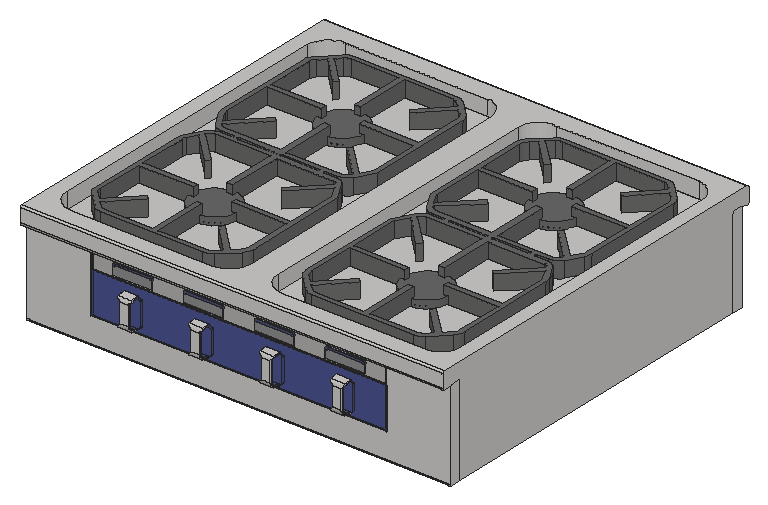
Revit family "QF_ELECTROLUXPROFESSIONAL_589071_MCGDAAJOPO", category Specialty Equipment, Revit 2018
Family settings
  Round Connector Dimension = Use Diameter
  Part Type = Normal
  Work Plane-Based = No
  Always vertical = Yes
  Cut with Voids When Loaded = No
  Shared = No
  Room Calculation Point = No
Parameters
  Weight in Pounds = 180.77
  Watts = 0 W
  URL Cutsheet = ""
  Type Mark [instance] = ""
  Status [instance] = ""
  Specification by User [instance] = ""
  Specification by Manufacturer = ""
  Serial Number = ""
  Seismic Rating = ""
  SMACNA No = ""
  Revision Code [instance] = ""
  Omniclass Number and Title = ""
  NAFEM Spec ID Number = ""
  Model = "589071"
  Mechanical Remarks [instance] = ""
  Mechanical Connection Type [instance] = ""
  Masterspec = ""
  Manufacturer = "ELECTROLUX"
  Item Number [instance] = ""
  Installed By [instance] = ""
  Identify Quantity as Lot [instance] = yes
  HP = "0 HP"
  Gas Size = 1/2"
  Gas RI Height [instance] = 0 mm
  Gas KW = 40
  Gas Input = 136360.0 Btu/h
  Gas Connection Height [instance] = 0 mm
  Furnished By [instance] = ""
  Foodservice Equipment Identifier [instance] = yes
  Direct Waste Size = 0"
  Description = "GAS TOP,4 BURNERS,1-SIDE,1000X900X250H"
  CSI MasterFormat = ""
  CSI Master Format = ""
  Back Panel [instance] = yes
Reference planes
  plane 1 "BACK": y = 0
  plane 2: z = 0
  plane 3 "LEFT": x = 0
  plane 4 "RIGHT": x = 1000
  plane 5 "FRONT": y = -900
  plane 6 "TOP": z = 250
  plane 7: x = 500
  plane 8: y = -450
  plane 9: z = 370
  plane 10: x = 965
  plane 11: y = -60.425
Forms (mm)
  Extrusion 1, solid, material "QF_Finishes_Stainless Steel"
    sketch origin (0, -487.128, 0) x (0, 1, 0) y (0, 0, 1)
      loop
        line (483.128, 250) -> (-408.872, 250)
        arc (-408.872, 250) -> (-411.7, 248.828) -> (-412.872, 246) r 4
        line (-412.872, 246) -> (-412.872, 214)
        arc (-412.872, 214) -> (-411.437, 210.931) -> (-408.161, 210.064) r 4
        line (-408.161, 210.064) -> (-392.872, 213) -> (-367.872, 213) -> (-367.872, 0) -> (441.714, 0) -> (441.714, 213) -> (465.765, 213) -> (482.433, 210.061)
        arc (482.433, 210.061) -> (485.699, 210.936) -> (487.128, 214) r 4
        line (487.128, 214) -> (487.128, 246)
        arc (487.128, 246) -> (485.956, 248.828) -> (483.128, 250) r 4
    from 0 to 1000
  Extrusion 2, solid, material "QF_Finishes_Stainless Steel", visible <- "Back Panel"
    sketch origin (0, 0.586, 0) x (0, 1, 0) y (0, 0, 1)
      loop
        line (-46, 0) -> (-21, 0) -> (-21, 212.833) -> (-21.949, 213) -> (-46, 213) -> (-46, 0)
    from 0 to 1000
  Extrusion 3, void
    sketch origin (653.786, 44.048, 250) x (1, 0, 0) y (0, -1, 0)
      loop
        line (-570.234, 89.462) -> (-234.333, 89.462)
        arc (-234.333, 89.462) -> (-199.707, 103.805) -> (-185.364, 138.432) r 48.97
        line (-185.364, 138.432) -> (-185.364, 850.078)
        arc (-185.364, 850.078) -> (-199.707, 884.705) -> (-234.333, 899.048) r 48.97
        line (-234.333, 899.048) -> (-570.234, 899.048)
        arc (-570.234, 899.048) -> (-605.59, 884.403) -> (-620.234, 849.048) r 50
        line (-620.234, 849.048) -> (-620.234, 139.462)
        arc (-620.234, 139.462) -> (-605.59, 104.107) -> (-570.234, 89.462) r 50
      loop
        line (264.679, 899.048) -> (-71.222, 899.048)
        arc (-71.222, 899.048) -> (-106.577, 884.403) -> (-121.222, 849.048) r 50
        line (-121.222, 849.048) -> (-121.222, 139.462)
        arc (-121.222, 139.462) -> (-106.577, 104.107) -> (-71.222, 89.462) r 50
        line (-71.222, 89.462) -> (264.679, 89.462)
        arc (264.679, 89.462) -> (299.306, 103.805) -> (313.649, 138.432) r 48.97
        line (313.649, 138.432) -> (313.649, 850.078)
        arc (313.649, 850.078) -> (299.306, 884.705) -> (264.679, 899.048) r 48.97
    from 0 to 37
  Extrusion 4, solid, material "QF_Finishes_Stainless Steel"
    sketch origin (10, -759, 0) x (1, 0, 0) y (0, -1, 0)
      loop
        circle (955, -169) r 6.35
    from 0 to 3.2
Cuts and joins
  Extrusion 3 cuts Extrusion 1
Lines and regions (mm)
  symbolic lines
    curve 1: line (0, 0, 0) -> (1000, 0, 0)
    curve 2: line (0, -900, 0) -> (0, 0, 0)
    curve 3: line (1000, -900, 0) -> (0, -900, 0)
    curve 4: line (1000, 0, 0) -> (1000, -900, 0)
    curve 5: arc (83.552, -855, 0) -> (48.197, -840.355, 0) -> (33.552, -805, 0) r 50
    curve 6: line (33.552, -805, 0) -> (33.552, -95.414, 0)
    curve 7: arc (33.552, -95.414, 0) -> (48.197, -60.059, 0) -> (83.552, -45.414, 0) r 50
    curve 8: line (83.552, -45.414, 0) -> (417.592, -45.414, 0)
    curve 9: arc (918.465, -45.414, 0) -> (953.092, -59.757, 0) -> (967.435, -94.384, 0) r 48.97
    curve 10: line (967.435, -94.384, 0) -> (967.435, -806.03, 0)
    curve 11: arc (967.435, -806.03, 0) -> (953.092, -840.657, 0) -> (918.465, -855, 0) r 48.97
    curve 12: line (918.465, -855, 0) -> (582.408, -855, 0)
    curve 13: line (582.408, -45.414, 0) -> (918.465, -45.414, 0)
    curve 14: line (417.592, -855, 0) -> (83.552, -855, 0)
    curve 15: arc (582.408, -855, 0) -> (547.053, -840.355, 0) -> (532.408, -805, 0) r 50
    curve 16: line (532.408, -805, 0) -> (532.408, -95.414, 0)
    curve 17: arc (532.408, -95.414, 0) -> (547.053, -60.059, 0) -> (582.408, -45.414, 0) r 50
    curve 18: arc (417.592, -855, 0) -> (452.947, -840.355, 0) -> (467.592, -805, 0) r 50
    curve 19: line (467.592, -805, 0) -> (467.592, -95.414, 0)
    curve 20: arc (467.592, -95.414, 0) -> (452.947, -60.059, 0) -> (417.592, -45.414, 0) r 50
Dimensions and locks
  plane 3 "LEFT" to plane 4 "RIGHT" = 1000 mm
  plane 5 "FRONT" to plane 1 "BACK" = 900 mm
  equal spacing: plane 3 "LEFT", plane 7, plane 4 "RIGHT"
  equal spacing: plane 5 "FRONT", plane 8, plane 1 "BACK"
  plane 6 "TOP" to level = 250 mm  (x2)
  plane 1 "BACK" to plane 5 "FRONT" = 900 mm
  Extrusion 4 sketch curve to plane 1 "BACK" = 590 mm
  Extrusion 4 sketch curve to plane 4 "RIGHT" = 35 mm
  plane 1 "BACK" to Extrusion 4 = 590 mm
  plane 10 to plane 4 "RIGHT" = 35 mm
  aligned and locked: level to plane 2
  aligned and locked: Extrusion 1 to plane 4 "RIGHT"
Automatic sketch dimensions
  Extrusion 1 sketch curve to plane 5 "FRONT" = 0 mm
  Extrusion 1 sketch curve to plane 6 "TOP" = 0 mm
  Extrusion 1 sketch curve to level = 0 mm
  Extrusion 1 sketch curve to plane 1 "BACK" = 0 mm
  Extrusion 1 sketch curve to plane 6 "TOP" = 37 mm  (x2)
  Extrusion 1 sketch curve to plane 5 "FRONT" = 4 mm
  Extrusion 1 sketch curve to plane 5 "FRONT" = 20 mm
  Extrusion 1 sketch curve to plane 5 "FRONT" = 45 mm
  plane 1 "BACK" to Extrusion 1 sketch curve = 21.363 mm
  plane 1 "BACK" to Extrusion 1 sketch curve = 4 mm  (x2)
  Extrusion 1 sketch curve to Extrusion 1 sketch curve = 4 mm
  Extrusion 1 sketch curve to Extrusion 1 sketch curve = 0.711 mm
  plane 1 "BACK" to Extrusion 1 sketch curve = 4.695 mm
  Extrusion 1 sketch curve to Extrusion 1 sketch curve = 0 mm  (x2)
  Extrusion 1 sketch curve to Extrusion 1 sketch curve = 1 mm  (x2)
  plane 1 "BACK" to Extrusion 1 sketch curve = 45.414 mm
  Extrusion 2 sketch curve to level = 0 mm
  plane 11 to Extrusion 2 sketch curve = 15.012 mm
  Extrusion 2 sketch curve to plane 6 "TOP" = 37.167 mm
  Extrusion 2 sketch curve to Extrusion 2 sketch curve = 0.949 mm
  plane 1 "BACK" to Extrusion 2 sketch curve = 20.414 mm
  Extrusion 2 sketch curve to plane 6 "TOP" = 37 mm
  plane 1 "BACK" to curve 1 = 0 mm
  curve 1 to plane 4 "RIGHT" = 0 mm
  curve 3 to plane 3 "LEFT" = 0 mm
  plane 5 "FRONT" to curve 3 = 0 mm
  curve 10 to plane 10 = 2.435 mm
  plane 11 to curve 13 = 15.012 mm
  plane 10 to curve 13 = 46.535 mm
  plane 10 to curve 12 = 46.535 mm
  plane 7 to curve 16 = 32.408 mm
  curve 19 to plane 7 = 32.408 mm
  plane 3 "LEFT" to curve 8 = 83.552 mm
  plane 3 "LEFT" to curve 14 = 83.552 mm
  plane 3 "LEFT" to curve 6 = 33.552 mm
  curve 15 to curve 16 = 50 mm
  curve 20 to plane 11 = 34.988 mm
  curve 18 to plane 5 "FRONT" = 45 mm
  curve 19 to curve 18 = 50 mm
  Extrusion 1 to Extrusion 3 sketch curve = 33.552 mm
  Extrusion 1 to Extrusion 3 sketch curve = 41 mm  (x2)
  Extrusion 3 sketch curve to Extrusion 3 sketch curve = 50 mm  (x4)
  Extrusion 1 to Extrusion 3 sketch curve = 41.414 mm
  Extrusion 3 sketch curve to Extrusion 3 sketch curve = 335.901 mm  (x2)
  Extrusion 3 sketch curve to Extrusion 3 sketch curve = 48.97 mm
  Extrusion 3 sketch curve to Extrusion 3 sketch curve = 64.142 mm
  Extrusion 1 to Extrusion 3 sketch curve = 81.535 mm  (x2)
  Extrusion 1 to Extrusion 3 sketch curve = 32.565 mm
  Extrusion 3 sketch curve to Extrusion 3 sketch curve = 1.03 mm
  curve 18 to curve 16 = 0 mm
  plane 11 to curve 8 = 15.012 mm
  curve 16 to plane 11 = 34.988 mm
  radius of Extrusion 4 sketch curve = 6.35 mm
Nested families
  nested 1: "OBT_900_Open Burner" at (250, -450.207, -649.319), type "OBT_900_Open Burner"
  nested 2: "OBT_900_Open Burner" at (750, -450.207, -649.319) x (-1, 0, 0) z (0, 0, 1), type "OBT_900_Open Burner"
  nested 3: "EG_900_1000_Four Range Control Handle Front Panel" at (202.376, -855, -650), type "EG_900_1000_Four Range Control Handle Front Panel"
Connectors
  piping at (965, -590, -3.2), diameter 12.8
    settings: on Extrusion 4, index 1, connector inside diameter 0.50394", connector length 0 mm, flow factor 0, pipe flow 0 GPM, pressure drop 0.00 psi, fitting loss kfactor 0, connector angle 0.00°, fixture units 0, engagement length 0 mm, angle of deflection 0.00°, flow configuration 1, flow direction 1, fitting loss method 0, system type 7, joint type 0, gender type 0, connector reference index -1, connector utility 0, adjustable connector no, is connector primary yes, connector description "GAS CONNECTION"
Definition of nested family "OBT_900_Open Burner"
  Reference planes
    plane 1 "Center (Front/Back)": y = 0
    plane 2: z = 0
    plane 3 "Center (Left/Right)": x = 0
    plane 4: x = -186.448
    plane 5: x = 187.435
    plane 6: y = 374.793
    plane 7: y = -374.793
    plane 8: y = -188.326
  Forms (mm)
    Extrusion 1, solid
      sketch origin (2130.573, 56.896, -679.622) x (1, 0, 0) y (0, 1, 0)
        loop
          line (-2137.44, 306.49) -> (-2250.793, 306.49)
          arc (-2250.793, 306.49) -> (-2257.908, 305.075) -> (-2263.94, 301.044) r 18.593
          line (-2263.94, 301.044) -> (-2276.233, 288.751) -> (-2213.48, 225.998) -> (-2221.6, 217.877) -> (-2284.354, 280.631) -> (-2300.33, 264.654)
          arc (-2300.33, 264.654) -> (-2304.433, 258.337) -> (-2305.614, 250.897) r 18.125
          line (-2305.614, 250.897) -> (-2305.614, 138.422) -> (-2175.79, 138.422) -> (-2175.79, 126.938) -> (-2305.614, 126.938) -> (-2305.614, 10.897)
          arc (-2305.614, 10.897) -> (-2304.981, 6.085) -> (-2303.123, 1.601) r 18.593
          line (-2303.123, 1.601) -> (-2290.078, -20.994) -> (-2221.6, 47.483) -> (-2213.48, 39.363) -> (-2284.012, -31.169)
          arc (-2284.012, -31.169) -> (-2278.546, -38.527) -> (-2270.23, -42.379) r 18.593
          line (-2270.23, -42.379) -> (-2137.44, -42.379) -> (-2137.44, 87.464) -> (-2123.707, 87.464) -> (-2123.707, -42.379) -> (-1989.813, -42.379)
          arc (-1989.813, -42.379) -> (-1981.496, -38.527) -> (-1976.031, -31.169) r 18.593
          line (-1976.031, -31.169) -> (-2047.115, 39.915) -> (-2038.994, 48.035) -> (-1969.962, -20.997) -> (-1954.428, 5.916) -> (-1954.428, 126.938) -> (-2085.357, 126.938) -> (-2085.357, 138.422) -> (-1954.428, 138.422) -> (-1954.428, 247.888)
          arc (-1954.428, 247.888) -> (-1956.538, 258.496) -> (-1962.547, 267.489) r 27.72
          line (-1962.547, 267.489) -> (-1975.689, 280.631) -> (-2038.994, 217.325) -> (-2047.115, 225.446) -> (-1983.809, 288.751) -> (-1996.102, 301.044)
          arc (-1996.102, 301.044) -> (-2002.134, 305.075) -> (-2009.25, 306.49) r 18.593
          line (-2009.25, 306.49) -> (-2123.707, 306.49) -> (-2123.707, 177.897) -> (-2137.44, 177.897) -> (-2137.44, 306.49)
        loop
          arc (-2317.021, 10.897) -> (-2315.999, 3.132) -> (-2313.002, -4.103) r 30
          line (-2313.002, -4.103) -> (-2292.795, -39.103)
          arc (-2292.795, -39.103) -> (-2281.814, -50.084) -> (-2266.814, -54.103) r 30
          line (-2266.814, -54.103) -> (-2239.287, -54.103)
          arc (-2239.287, -54.103) -> (-2238.243, -56) -> (-2236.272, -56.896) r 3.438
          arc (-2236.272, -56.896) -> (-2238.243, -57.792) -> (-2239.287, -59.689) r 3.438
          line (-2239.287, -59.689) -> (-2266.814, -59.689)
          arc (-2266.814, -59.689) -> (-2281.814, -63.708) -> (-2292.795, -74.689) r 30
          line (-2292.795, -74.689) -> (-2313.002, -109.689)
          arc (-2313.002, -109.689) -> (-2315.999, -116.924) -> (-2317.021, -124.689) r 30
          line (-2317.021, -124.689) -> (-2317.021, -365.461)
          arc (-2317.021, -365.461) -> (-2314.738, -376.941) -> (-2308.234, -386.674) r 30
          line (-2308.234, -386.674) -> (-2271.975, -422.933)
          arc (-2271.975, -422.933) -> (-2262.253, -429.414) -> (-2250.793, -431.689) r 30
          line (-2250.793, -431.689) -> (-2009.25, -431.689)
          arc (-2009.25, -431.689) -> (-1997.786, -429.412) -> (-1988.062, -422.928) r 30
          line (-1988.062, -422.928) -> (-1951.808, -386.674)
          arc (-1951.808, -386.674) -> (-1945.305, -376.941) -> (-1942.982, -365.461) r 30
          line (-1942.982, -365.461) -> (-1942.982, -116.719) -> (-1967.248, -74.689)
          arc (-1967.248, -74.689) -> (-1978.229, -63.708) -> (-1993.229, -59.689) r 30
          line (-1993.229, -59.689) -> (-2020.319, -59.689)
          arc (-2020.319, -59.689) -> (-2021.979, -57.759) -> (-2024.375, -56.896) r 5
          arc (-2024.375, -56.896) -> (-2021.979, -56.033) -> (-2020.319, -54.103) r 5
          line (-2020.319, -54.103) -> (-1993.229, -54.103)
          arc (-1993.229, -54.103) -> (-1978.229, -50.084) -> (-1967.248, -39.103) r 30
          line (-1967.248, -39.103) -> (-1943.138, 2.656) -> (-1943.138, 254.314)
          arc (-1943.138, 254.314) -> (-1945.839, 264.361) -> (-1951.808, 272.882) r 30
          line (-1951.808, 272.882) -> (-1988.062, 309.136)
          arc (-1988.062, 309.136) -> (-1997.786, 315.62) -> (-2009.25, 317.897) r 30
          line (-2009.25, 317.897) -> (-2250.793, 317.897)
          arc (-2250.793, 317.897) -> (-2262.253, 315.622) -> (-2271.975, 309.141) r 30
          line (-2271.975, 309.141) -> (-2308.234, 272.882)
          arc (-2308.234, 272.882) -> (-2314.738, 263.149) -> (-2317.021, 251.669) r 30
          line (-2317.021, 251.669) -> (-2317.021, 10.897)
        loop
          arc (-2122.397, -54.103) -> (-2124.057, -56.033) -> (-2126.452, -56.896) r 5
          arc (-2126.452, -56.896) -> (-2124.057, -57.759) -> (-2122.397, -59.689) r 5
          line (-2122.397, -59.689) -> (-2035.829, -59.689)
          arc (-2035.829, -59.689) -> (-2034.784, -57.792) -> (-2032.813, -56.896) r 3.438
          arc (-2032.813, -56.896) -> (-2034.784, -56) -> (-2035.829, -54.103) r 3.438
          line (-2035.829, -54.103) -> (-2122.397, -54.103)
        loop
          arc (-2223.778, -54.103) -> (-2225.438, -56.033) -> (-2227.833, -56.896) r 5
          arc (-2227.833, -56.896) -> (-2225.438, -57.759) -> (-2223.778, -59.689) r 5
          line (-2223.778, -59.689) -> (-2137.906, -59.689)
          arc (-2137.906, -59.689) -> (-2136.862, -57.792) -> (-2134.891, -56.896) r 3.438
          arc (-2134.891, -56.896) -> (-2136.862, -56) -> (-2137.906, -54.103) r 3.438
          line (-2137.906, -54.103) -> (-2223.778, -54.103)
        loop
          line (-2137.44, -420.282) -> (-2137.44, -290.439) -> (-2123.707, -290.439) -> (-2123.707, -420.282) -> (-2009.25, -420.282)
          arc (-2009.25, -420.282) -> (-2002.134, -418.867) -> (-1996.102, -414.836) r 18.593
          line (-1996.102, -414.836) -> (-1983.184, -401.918) -> (-2047.115, -337.988) -> (-2038.994, -329.867) -> (-1975.064, -393.798) -> (-1962.547, -381.281)
          arc (-1962.547, -381.281) -> (-1956.538, -372.288) -> (-1954.428, -361.68) r 27.72
          line (-1954.428, -361.68) -> (-1954.428, -250.964) -> (-2085.357, -250.964) -> (-2085.357, -239.48) -> (-1954.428, -239.48) -> (-1954.428, -119.708) -> (-1970.42, -92.003) -> (-2038.994, -160.577) -> (-2047.115, -152.457) -> (-1976.413, -81.755)
          arc (-1976.413, -81.755) -> (-1981.868, -74.971) -> (-1989.813, -71.413) r 18.593
          line (-1989.813, -71.413) -> (-2123.707, -71.413) -> (-2123.707, -200.006) -> (-2137.44, -200.006) -> (-2137.44, -71.413) -> (-2270.23, -71.413)
          arc (-2270.23, -71.413) -> (-2278.175, -74.971) -> (-2283.629, -81.755) r 18.593
          line (-2283.629, -81.755) -> (-2213.48, -151.905) -> (-2221.6, -160.025) -> (-2289.62, -92.005) -> (-2303.123, -115.393)
          arc (-2303.123, -115.393) -> (-2304.981, -119.877) -> (-2305.614, -124.689) r 18.593
          line (-2305.614, -124.689) -> (-2305.614, -239.48) -> (-2175.79, -239.48) -> (-2175.79, -250.964) -> (-2305.614, -250.964) -> (-2305.614, -364.689)
          arc (-2305.614, -364.689) -> (-2304.433, -372.129) -> (-2300.33, -378.446) r 18.125
          line (-2300.33, -378.446) -> (-2284.979, -393.798) -> (-2221.6, -330.419) -> (-2213.48, -338.54) -> (-2276.858, -401.918) -> (-2263.94, -414.836)
          arc (-2263.94, -414.836) -> (-2257.908, -418.867) -> (-2250.793, -420.282) r 18.593
          line (-2250.793, -420.282) -> (-2137.44, -420.282)
      from 1542.072 to 1578.941
    Extrusion 2, solid
      sketch origin (2130.573, 61.122, 0) x (1, 0, 0) y (0, 1, 0)
        loop
          circle (-2130.573, -249.448) r 55
        loop
          circle (-2130.573, 128.455) r 55
      from 862.45 to 879.837
    Extrusion 3, void
      sketch origin (-124.371, -355.785, -22.784) x (-0.587785, -0.809017, 0) y (0, 0, 1)
        loop
          circle (-213.495, 891.283) r 1
      from -67.69 to -35.114
    Extrusion 4, void
      sketch origin (-89.903, -376.417, -22.784) x (-0.422618, -0.906308, 0) y (0, 0, 1)
        loop
          circle (-213.495, 891.283) r 1
      from -74.826 to -35.114
    Extrusion 5, void
      sketch origin (-52.131, -390.093, -22.784) x (-0.241922, -0.970296, 0) y (0, 0, 1)
        loop
          circle (-213.495, 891.283) r 1
      from -67.69 to -35.114
    Extrusion 6, void
      sketch origin (27.702, -394.842, -22.784) x (0.139173, -0.990268, 0) y (0, 0, 1)
        loop
          circle (-213.495, 891.283) r 1
      from -67.69 to -35.114
    Extrusion 7, void
      sketch origin (66.829, -385.74, -22.784) x (0.325568, -0.945519, 0) y (0, 0, 1)
        loop
          circle (-213.495, 891.283) r 1
      from -67.69 to -35.114
    Extrusion 8, void
      sketch origin (103.5, -369.339, -22.784) x (0.5, -0.866025, 0) y (0, 0, 1)
        loop
          circle (-213.495, 891.283) r 1
      from -67.69 to -35.114
    Extrusion 9, void
      sketch origin (136.368, -346.242, -22.784) x (0.656059, -0.75471, 0) y (0, 0, 1)
        loop
          circle (-213.495, 891.283) r 1
      from -67.69 to -35.114
    Extrusion 10, void
      sketch origin (164.225, -317.298, -22.784) x (0.788011, -0.615661, 0) y (0, 0, 1)
        loop
          circle (-213.495, 891.283) r 1
      from -67.69 to -35.114
    Extrusion 11, void
      sketch origin (186.048, -283.571, -22.784) x (0.891007, -0.45399, 0) y (0, 0, 1)
        loop
          circle (-213.495, 891.283) r 1
      from -67.69 to -35.114
    Extrusion 12, void
      sketch origin (201.034, -246.299, -22.784) x (0.961262, -0.275637, 0) y (0, 0, 1)
        loop
          circle (-213.495, 891.283) r 1
      from -67.69 to -35.114
    Extrusion 13, void
      sketch origin (208.566, -166.681, -22.784) x (0.994522, 0.104528, 0) y (0, 0, 1)
        loop
          circle (-213.495, 891.283) r 1
      from -67.69 to -35.114
    Extrusion 14, void
      sketch origin (200.835, -127.26, -22.784) x (0.956305, 0.292372, 0) y (0, 0, 1)
        loop
          circle (-213.495, 891.283) r 1
      from -67.69 to -35.114
    Extrusion 15, void
      sketch origin (185.724, -90.039, -22.784) x (0.882948, 0.469472, 0) y (0, 0, 1)
        loop
          circle (-213.495, 891.283) r 1
      from -67.69 to -35.114
    Extrusion 16, void
      sketch origin (163.788, -56.385, -22.784) x (0.777146, 0.62932, 0) y (0, 0, 1)
        loop
          circle (-213.495, 891.283) r 1
      from -67.69 to -35.114
    Extrusion 17, void
      sketch origin (135.834, -27.534, -22.784) x (0.642788, 0.766044, 0) y (0, 0, 1)
        loop
          circle (-213.495, 891.283) r 1
      from -67.69 to -35.114
    Extrusion 18, void
      sketch origin (102.889, -4.548, -22.784) x (0.48481, 0.87462, 0) y (0, 0, 1)
        loop
          circle (-213.495, 891.283) r 1
      from -67.69 to -35.114
    Extrusion 19, void
      sketch origin (66.163, 11.73, -22.784) x (0.309017, 0.951057, 0) y (0, 0, 1)
        loop
          circle (-213.495, 891.283) r 1
      from -67.69 to -35.114
    Extrusion 20, void
      sketch origin (-52.811, 15.685, -22.784) x (-0.258819, 0.965926, 0) y (0, 0, 1)
        loop
          circle (-213.495, 891.283) r 1
      from -67.69 to -35.114
    Extrusion 21, void
      sketch origin (-90.537, 1.882, -22.784) x (-0.438371, 0.898794, 0) y (0, 0, 1)
        loop
          circle (-213.495, 891.283) r 1
      from -67.69 to -35.114
    Extrusion 22, void
      sketch origin (-124.936, -18.865, -22.784) x (-0.601815, 0.798636, 0) y (0, 0, 1)
        loop
          circle (-213.495, 891.283) r 1
      from -67.69 to -35.114
    Extrusion 23, void
      sketch origin (-154.744, -45.796, -22.784) x (-0.743145, 0.669131, 0) y (0, 0, 1)
        loop
          circle (-213.495, 891.283) r 1
      from -67.69 to -35.114
    Extrusion 24, void
      sketch origin (-178.866, -77.919, -22.784) x (-0.857167, 0.515038, 0) y (0, 0, 1)
        loop
          circle (-213.495, 891.283) r 1
      from -67.69 to -35.114
    Extrusion 25, void
      sketch origin (-196.416, -114.054, -22.784) x (-0.939693, 0.34202, 0) y (0, 0, 1)
        loop
          circle (-213.495, 891.283) r 1
      from -67.69 to -35.114
    Extrusion 26, void
      sketch origin (-204.521, -232.817, -22.784) x (-0.97437, -0.224951, 0) y (0, 0, 1)
        loop
          circle (-213.495, 891.283) r 1
      from -67.69 to -35.114
    Extrusion 27, void
      sketch origin (-192.043, -271.002, -22.784) x (-0.913545, -0.406737, 0) y (0, 0, 1)
        loop
          circle (-213.495, 891.283) r 1
      from -67.69 to -35.114
    Extrusion 28, void
      sketch origin (-172.509, -306.104, -22.784) x (-0.819152, -0.573576, 0) y (0, 0, 1)
        loop
          circle (-213.495, 891.283) r 1
      from -67.69 to -35.114
    Extrusion 29, void
      sketch origin (-146.635, -336.834, -22.784) x (-0.694658, -0.71934, 0) y (0, 0, 1)
        loop
          circle (-213.495, 891.283) r 1
      from -67.69 to -35.114
    Extrusion 30, void
      sketch origin (-124.371, 22.118, -22.784) x (-0.587785, -0.809017, 0) y (0, 0, 1)
        loop
          circle (-213.495, 891.283) r 1
      from -67.69 to -35.114
    Extrusion 31, void
      sketch origin (-89.903, 1.485, -22.784) x (-0.422618, -0.906308, 0) y (0, 0, 1)
        loop
          circle (-213.495, 891.283) r 1
      from -74.826 to -35.114
    Extrusion 32, void
      sketch origin (-52.131, -12.191, -22.784) x (-0.241922, -0.970296, 0) y (0, 0, 1)
        loop
          circle (-213.495, 891.283) r 1
      from -67.69 to -35.114
    Extrusion 33, void
      sketch origin (27.702, -16.939, -22.784) x (0.139173, -0.990268, 0) y (0, 0, 1)
        loop
          circle (-213.495, 891.283) r 1
      from -67.69 to -35.114
    Extrusion 34, void
      sketch origin (66.829, -7.837, -22.784) x (0.325568, -0.945519, 0) y (0, 0, 1)
        loop
          circle (-213.495, 891.283) r 1
      from -67.69 to -35.114
    Extrusion 35, void
      sketch origin (103.5, 8.564, -22.784) x (0.5, -0.866025, 0) y (0, 0, 1)
        loop
          circle (-213.495, 891.283) r 1
      from -67.69 to -35.114
    Extrusion 36, void
      sketch origin (136.368, 31.66, -22.784) x (0.656059, -0.75471, 0) y (0, 0, 1)
        loop
          circle (-213.495, 891.283) r 1
      from -67.69 to -35.114
    Extrusion 37, void
      sketch origin (164.225, 60.604, -22.784) x (0.788011, -0.615661, 0) y (0, 0, 1)
        loop
          circle (-213.495, 891.283) r 1
      from -67.69 to -35.114
    Extrusion 38, void
      sketch origin (186.048, 94.332, -22.784) x (0.891007, -0.45399, 0) y (0, 0, 1)
        loop
          circle (-213.495, 891.283) r 1
      from -67.69 to -35.114
    Extrusion 39, void
      sketch origin (201.034, 131.603, -22.784) x (0.961262, -0.275637, 0) y (0, 0, 1)
        loop
          circle (-213.495, 891.283) r 1
      from -67.69 to -35.114
    Extrusion 40, void
      sketch origin (208.566, 211.222, -22.784) x (0.994522, 0.104528, 0) y (0, 0, 1)
        loop
          circle (-213.495, 891.283) r 1
      from -67.69 to -35.114
    Extrusion 41, void
      sketch origin (200.835, 250.642, -22.784) x (0.956305, 0.292372, 0) y (0, 0, 1)
        loop
          circle (-213.495, 891.283) r 1
      from -67.69 to -35.114
    Extrusion 42, void
      sketch origin (185.724, 287.864, -22.784) x (0.882948, 0.469472, 0) y (0, 0, 1)
        loop
          circle (-213.495, 891.283) r 1
      from -67.69 to -35.114
    Extrusion 43, void
      sketch origin (163.788, 321.518, -22.784) x (0.777146, 0.62932, 0) y (0, 0, 1)
        loop
          circle (-213.495, 891.283) r 1
      from -67.69 to -35.114
    Extrusion 44, void
      sketch origin (135.834, 350.368, -22.784) x (0.642788, 0.766044, 0) y (0, 0, 1)
        loop
          circle (-213.495, 891.283) r 1
      from -67.69 to -35.114
    Extrusion 45, void
      sketch origin (102.889, 373.355, -22.784) x (0.48481, 0.87462, 0) y (0, 0, 1)
        loop
          circle (-213.495, 891.283) r 1
      from -67.69 to -35.114
    Extrusion 46, void
      sketch origin (66.163, 389.633, -22.784) x (0.309017, 0.951057, 0) y (0, 0, 1)
        loop
          circle (-213.495, 891.283) r 1
      from -67.69 to -35.114
    Extrusion 47, void
      sketch origin (-52.811, 393.588, -22.784) x (-0.258819, 0.965926, 0) y (0, 0, 1)
        loop
          circle (-213.495, 891.283) r 1
      from -67.69 to -35.114
    Extrusion 48, void
      sketch origin (-90.537, 379.785, -22.784) x (-0.438371, 0.898794, 0) y (0, 0, 1)
        loop
          circle (-213.495, 891.283) r 1
      from -67.69 to -35.114
    Extrusion 49, void
      sketch origin (-124.936, 359.037, -22.784) x (-0.601815, 0.798636, 0) y (0, 0, 1)
        loop
          circle (-213.495, 891.283) r 1
      from -67.69 to -35.114
    Extrusion 50, void
      sketch origin (-154.744, 332.107, -22.784) x (-0.743145, 0.669131, 0) y (0, 0, 1)
        loop
          circle (-213.495, 891.283) r 1
      from -67.69 to -35.114
    Extrusion 51, void
      sketch origin (-178.866, 299.984, -22.784) x (-0.857167, 0.515038, 0) y (0, 0, 1)
        loop
          circle (-213.495, 891.283) r 1
      from -67.69 to -35.114
    Extrusion 52, void
      sketch origin (-196.416, 263.848, -22.784) x (-0.939693, 0.34202, 0) y (0, 0, 1)
        loop
          circle (-213.495, 891.283) r 1
      from -67.69 to -35.114
    Extrusion 53, void
      sketch origin (-204.521, 145.086, -22.784) x (-0.97437, -0.224951, 0) y (0, 0, 1)
        loop
          circle (-213.495, 891.283) r 1
      from -67.69 to -35.114
    Extrusion 54, void
      sketch origin (-192.043, 106.901, -22.784) x (-0.913545, -0.406737, 0) y (0, 0, 1)
        loop
          circle (-213.495, 891.283) r 1
      from -67.69 to -35.114
    Extrusion 55, void
      sketch origin (-172.509, 71.798, -22.784) x (-0.819152, -0.573576, 0) y (0, 0, 1)
        loop
          circle (-213.495, 891.283) r 1
      from -67.69 to -35.114
    Extrusion 56, void
      sketch origin (-146.635, 41.068, -22.784) x (-0.694658, -0.71934, 0) y (0, 0, 1)
        loop
          circle (-213.495, 891.283) r 1
      from -67.69 to -35.114
  Cuts and joins
    Extrusion 3, Extrusion 4, Extrusion 5, Extrusion 6, Extrusion 7, Extrusion 8, Extrusion 9, Extrusion 10, Extrusion 11, Extrusion 12, Extrusion 13, Extrusion 14, Extrusion 15, Extrusion 16, Extrusion 17, Extrusion 18, Extrusion 19, Extrusion 20, Extrusion 21, Extrusion 22, Extrusion 23, Extrusion 24, Extrusion 25, Extrusion 26, Extrusion 27, Extrusion 28, Extrusion 29, Extrusion 30, Extrusion 31, Extrusion 32, Extrusion 33, Extrusion 34, Extrusion 35, Extrusion 36, Extrusion 37, Extrusion 38, Extrusion 39, Extrusion 40, Extrusion 41, Extrusion 42, Extrusion 43, Extrusion 44, Extrusion 45, Extrusion 46, Extrusion 47, Extrusion 48, Extrusion 49, Extrusion 50, Extrusion 51, Extrusion 52, Extrusion 53, Extrusion 54, Extrusion 55, Extrusion 56 cuts Extrusion 2
    Extrusion 32 cuts Extrusion 1
  Lines and regions (mm)
    symbolic lines
      curve 1: arc (54.699, -182.584, 0) -> (39.289, -149.838, 0) -> (6.867, -133.757, 0) r 55
      curve 2: arc (-54.699, -194.068, 0) -> (-39.289, -226.815, 0) -> (-6.867, -242.896, 0) r 55
      curve 3: line (45.217, -194.068, 0) -> (176.145, -194.068, 0)
      curve 4: line (176.145, -194.068, 0) -> (176.145, -304.784, 0)
      curve 5: arc (176.145, -304.784, 0) -> (174.035, -315.392, 0) -> (168.026, -324.385, 0) r 27.72
      curve 6: line (168.026, -324.385, 0) -> (155.51, -336.902, 0)
      curve 7: line (155.51, -336.902, 0) -> (91.579, -272.971, 0)
      curve 8: line (83.459, -281.092, 0) -> (147.389, -345.022, 0)
      curve 9: line (147.389, -345.022, 0) -> (134.471, -357.94, 0)
      curve 10: arc (134.471, -357.94, 0) -> (128.439, -361.971, 0) -> (121.324, -363.386, 0) r 18.593
      curve 11: line (121.324, -363.386, 0) -> (6.867, -363.386, 0)
      curve 12: line (6.867, -363.386, 0) -> (6.867, -233.543, 0)
      curve 13: line (-6.867, -233.543, 0) -> (-6.867, -363.386, 0)
      curve 14: line (-6.867, -363.386, 0) -> (-120.219, -363.386, 0)
      curve 15: arc (-120.219, -363.386, 0) -> (-127.335, -361.971, 0) -> (-133.367, -357.94, 0) r 18.593
      curve 16: line (-133.367, -357.94, 0) -> (-146.285, -345.022, 0)
      curve 17: line (-146.285, -345.022, 0) -> (-82.906, -281.644, 0)
      curve 18: line (-91.027, -273.523, 0) -> (-154.405, -336.902, 0)
      curve 19: line (-154.405, -336.902, 0) -> (-169.757, -321.55, 0)
      curve 20: arc (-169.757, -321.55, 0) -> (-173.86, -315.233, 0) -> (-175.041, -307.793, 0) r 18.125
      curve 21: line (-175.041, -307.793, 0) -> (-175.041, -194.068, 0)
      curve 22: line (-175.041, -194.068, 0) -> (-45.217, -194.068, 0)
      curve 23: line (-45.217, -182.584, 0) -> (-175.041, -182.584, 0)
      curve 24: line (-175.041, -182.584, 0) -> (-175.041, -67.793, 0)
      curve 25: arc (-175.041, -67.793, 0) -> (-174.407, -62.981, 0) -> (-172.55, -58.497, 0) r 18.593
      curve 26: line (-172.55, -58.497, 0) -> (-159.047, -35.109, 0)
      curve 27: line (-159.047, -35.109, 0) -> (-91.027, -103.129, 0)
      curve 28: line (-82.906, -95.009, 0) -> (-153.056, -24.859, 0)
      curve 29: arc (-153.056, -24.859, 0) -> (-147.601, -18.075, 0) -> (-139.656, -14.517, 0) r 18.593
      curve 30: line (-139.656, -14.517, 0) -> (-6.867, -14.517, 0)
      curve 31: line (-6.867, -14.517, 0) -> (-6.867, -143.11, 0)
      curve 32: line (6.867, -143.11, 0) -> (6.867, -14.517, 0)
      curve 33: line (6.867, -14.517, 0) -> (140.761, -14.517, 0)
      curve 34: arc (140.761, -14.517, 0) -> (148.706, -18.075, 0) -> (154.16, -24.859, 0) r 18.593
      curve 35: line (154.16, -24.859, 0) -> (83.459, -95.561, 0)
      curve 36: line (91.579, -103.681, 0) -> (160.154, -35.107, 0)
      curve 37: line (160.154, -35.107, 0) -> (176.145, -62.812, 0)
      curve 38: line (176.145, -62.812, 0) -> (176.145, -182.584, 0)
      curve 39: line (176.145, -182.584, 0) -> (45.217, -182.584, 0)
      curve 40: line (187.592, -59.823, 0) -> (163.326, -17.793, 0)
      curve 41: arc (163.326, -17.793, 0) -> (152.345, -6.812, 0) -> (137.345, -2.793, 0) r 30
      curve 42: line (137.345, -2.793, 0) -> (110.254, -2.793, 0)
      curve 43: arc (110.254, -2.793, 0) -> (108.594, -0.863, 0) -> (106.199, 0, 0) r 5
      curve 44: arc (106.199, 0, 0) -> (108.594, 0.863, 0) -> (110.254, 2.793, 0) r 5
      curve 45: line (110.254, 2.793, 0) -> (137.345, 2.793, 0)
      curve 46: arc (137.345, 2.793, 0) -> (152.345, 6.812, 0) -> (163.326, 17.793, 0) r 30
      curve 47: line (163.326, 17.793, 0) -> (187.435, 59.552, 0)
      curve 48: line (187.435, 59.552, 0) -> (187.435, 311.21, 0)
      curve 49: arc (187.435, 311.21, 0) -> (184.735, 321.257, 0) -> (178.765, 329.778, 0) r 30
      curve 50: line (178.765, 329.778, 0) -> (142.511, 366.032, 0)
      curve 51: arc (142.511, 366.032, 0) -> (132.788, 372.516, 0) -> (121.324, 374.793, 0) r 30
      curve 52: line (121.324, 374.793, 0) -> (-120.219, 374.793, 0)
      curve 53: arc (-120.219, 374.793, 0) -> (-131.68, 372.518, 0) -> (-141.401, 366.037, 0) r 30
      curve 54: line (-141.401, 366.037, 0) -> (-177.661, 329.778, 0)
      curve 55: arc (-177.661, 329.778, 0) -> (-184.164, 320.045, 0) -> (-186.448, 308.565, 0) r 30
      curve 56: line (-186.448, 308.565, 0) -> (-186.448, 67.793, 0)
      curve 57: arc (-186.448, 67.793, 0) -> (-185.426, 60.028, 0) -> (-182.429, 52.793, 0) r 30
      curve 58: line (-182.429, 52.793, 0) -> (-162.221, 17.793, 0)
      curve 59: arc (-162.221, 17.793, 0) -> (-151.241, 6.812, 0) -> (-136.241, 2.793, 0) r 30
      curve 60: line (-136.241, 2.793, 0) -> (-108.714, 2.793, 0)
      curve 61: arc (-108.714, 2.793, 0) -> (-107.669, 0.896, 0) -> (-105.698, 0, 0) r 3.438
      curve 62: arc (-105.698, 0, 0) -> (-107.669, -0.896, 0) -> (-108.714, -2.793, 0) r 3.438
      curve 63: line (-108.714, -2.793, 0) -> (-136.241, -2.793, 0)
      curve 64: arc (-136.241, -2.793, 0) -> (-151.241, -6.812, 0) -> (-162.221, -17.793, 0) r 30
      curve 65: line (-162.221, -17.793, 0) -> (-182.429, -52.793, 0)
      curve 66: arc (-182.429, -52.793, 0) -> (-185.426, -60.028, 0) -> (-186.448, -67.793, 0) r 30
      curve 67: line (-186.448, -67.793, 0) -> (-186.448, -308.565, 0)
      curve 68: arc (-186.448, -308.565, 0) -> (-184.164, -320.045, 0) -> (-177.661, -329.778, 0) r 30
      curve 69: line (-177.661, -329.778, 0) -> (-141.401, -366.037, 0)
      curve 70: arc (-141.401, -366.037, 0) -> (-131.68, -372.518, 0) -> (-120.219, -374.793, 0) r 30
      curve 71: line (-120.219, -374.793, 0) -> (121.324, -374.793, 0)
      curve 72: arc (121.324, -374.793, 0) -> (132.788, -372.516, 0) -> (142.511, -366.032, 0) r 30
      curve 73: line (142.511, -366.032, 0) -> (178.765, -329.778, 0)
      curve 74: arc (178.765, -329.778, 0) -> (185.269, -320.045, 0) -> (187.552, -308.565, 0) r 30
      curve 75: line (187.592, -308.565, 0) -> (187.592, -59.823, 0)
      curve 76: line (94.745, -2.793, 0) -> (8.177, -2.793, 0)
      curve 77: arc (8.177, -2.793, 0) -> (6.517, -0.863, 0) -> (4.121, 0, 0) r 5
      curve 78: arc (4.121, 0, 0) -> (6.517, 0.863, 0) -> (8.177, 2.793, 0) r 5
      curve 79: line (8.177, 2.793, 0) -> (94.745, 2.793, 0)
      curve 80: arc (94.745, 2.793, 0) -> (95.789, 0.896, 0) -> (97.76, 0, 0) r 3.438
      curve 81: arc (97.76, 0, 0) -> (95.789, -0.896, 0) -> (94.745, -2.793, 0) r 3.438
      curve 82: line (-7.333, -2.793, 0) -> (-93.204, -2.793, 0)
      curve 83: arc (-93.204, -2.793, 0) -> (-94.864, -0.863, 0) -> (-97.26, 0, 0) r 5
      curve 84: arc (-97.26, 0, 0) -> (-94.864, 0.863, 0) -> (-93.204, 2.793, 0) r 5
      curve 85: line (-93.204, 2.793, 0) -> (-7.333, 2.793, 0)
      curve 86: arc (-7.333, 2.793, 0) -> (-6.288, 0.896, 0) -> (-4.317, 0, 0) r 3.438
      curve 87: arc (-4.317, 0, 0) -> (-6.288, -0.896, 0) -> (-7.333, -2.793, 0) r 3.438
      curve 88: line (-6.867, 14.517, 0) -> (-139.656, 14.517, 0)
      curve 89: arc (-139.656, 14.517, 0) -> (-147.973, 18.369, 0) -> (-153.438, 25.727, 0) r 18.593
      curve 90: line (-153.438, 25.727, 0) -> (-82.906, 96.259, 0)
      curve 91: line (-91.027, 104.379, 0) -> (-159.504, 35.902, 0)
      curve 92: line (-159.504, 35.902, 0) -> (-172.55, 58.497, 0)
      curve 93: arc (-172.55, 58.497, 0) -> (-174.407, 62.981, 0) -> (-175.041, 67.793, 0) r 18.593
      curve 94: line (-175.041, 67.793, 0) -> (-175.041, 183.834, 0)
      curve 95: line (-175.041, 183.834, 0) -> (-45.217, 183.834, 0)
      curve 96: line (-45.217, 195.318, 0) -> (-175.041, 195.318, 0)
      curve 97: line (-175.041, 195.318, 0) -> (-175.041, 307.793, 0)
      curve 98: arc (-175.041, 307.793, 0) -> (-173.86, 315.233, 0) -> (-169.757, 321.55, 0) r 18.125
      curve 99: line (-169.757, 321.55, 0) -> (-153.78, 337.527, 0)
      curve 100: line (-153.78, 337.527, 0) -> (-91.027, 274.773, 0)
      curve 101: line (-91.027, 274.773, 0) -> (-82.906, 282.894, 0)
      curve 102: line (-82.906, 282.894, 0) -> (-145.66, 345.647, 0)
      curve 103: line (-145.66, 345.647, 0) -> (-133.367, 357.94, 0)
      curve 104: arc (-133.367, 357.94, 0) -> (-127.335, 361.971, 0) -> (-120.219, 363.386, 0) r 18.593
      curve 105: line (-120.219, 363.386, 0) -> (-6.867, 363.386, 0)
      curve 106: line (-6.867, 363.386, 0) -> (-6.867, 234.793, 0)
      curve 107: line (-6.867, 234.793, 0) -> (6.867, 234.793, 0)
      curve 108: line (6.867, 234.793, 0) -> (6.867, 363.386, 0)
      curve 109: line (6.867, 363.386, 0) -> (121.324, 363.386, 0)
      curve 110: arc (121.324, 363.386, 0) -> (128.439, 361.971, 0) -> (134.471, 357.94, 0) r 18.593
      curve 111: line (134.471, 357.94, 0) -> (146.764, 345.647, 0)
      curve 112: line (146.764, 345.647, 0) -> (83.459, 282.342, 0)
      curve 113: line (91.579, 274.221, 0) -> (154.885, 337.527, 0)
      curve 114: line (154.885, 337.527, 0) -> (168.026, 324.385, 0)
      curve 115: arc (168.026, 324.385, 0) -> (174.035, 315.392, 0) -> (176.145, 304.784, 0) r 27.72
      curve 116: line (176.145, 304.784, 0) -> (176.145, 195.318, 0)
      curve 117: line (176.145, 195.318, 0) -> (45.217, 195.318, 0)
      curve 118: line (45.217, 183.834, 0) -> (176.145, 183.834, 0)
      curve 119: line (176.145, 183.834, 0) -> (176.145, 62.812, 0)
      curve 120: line (176.145, 62.812, 0) -> (160.611, 35.899, 0)
      curve 121: line (160.611, 35.899, 0) -> (91.579, 104.931, 0)
      curve 122: line (83.459, 96.811, 0) -> (154.543, 25.727, 0)
      curve 123: arc (154.543, 25.727, 0) -> (149.077, 18.369, 0) -> (140.761, 14.517, 0) r 18.593
      curve 124: line (140.761, 14.517, 0) -> (6.867, 14.517, 0)
      curve 125: line (6.867, 14.517, 0) -> (6.867, 144.36, 0)
      curve 126: line (6.867, 144.36, 0) -> (-6.867, 144.36, 0)
      curve 127: line (-6.867, 144.36, 0) -> (-6.867, 14.517, 0)
      curve 128: arc (-54.699, 183.834, 0) -> (-39.289, 151.088, 0) -> (-6.867, 135.007, 0) r 55
      curve 129: arc (54.699, 195.318, 0) -> (39.289, 228.065, 0) -> (6.867, 244.146, 0) r 55
      curve 130: arc (-6.867, 244.146, 0) -> (-39.289, 228.065, 0) -> (-54.699, 195.318, 0) r 55
      curve 131: arc (6.867, 135.007, 0) -> (39.289, 151.088, 0) -> (54.699, 183.834, 0) r 55
      curve 132: arc (-6.867, -133.757, 0) -> (-39.289, -149.838, 0) -> (-54.699, -182.584, 0) r 55
      curve 133: arc (6.867, -242.896, 0) -> (39.289, -226.815, 0) -> (54.699, -194.068, 0) r 55
      curve 134: line (-45.217, 183.834, 0) -> (-45.217, 195.318, 0)
      curve 135: line (45.217, 195.318, 0) -> (45.217, 183.834, 0)
      curve 136: line (91.579, 274.221, 0) -> (83.459, 282.342, 0)
      curve 137: line (-91.027, 104.379, 0) -> (-82.906, 96.259, 0)
      curve 138: line (91.579, 104.931, 0) -> (83.459, 96.811, 0)
      curve 139: line (-91.027, -103.129, 0) -> (-82.906, -95.009, 0)
      curve 140: line (83.459, -95.561, 0) -> (91.579, -103.681, 0)
      curve 141: line (45.217, -182.584, 0) -> (45.217, -194.068, 0)
      curve 142: line (-6.867, -143.11, 0) -> (6.867, -143.11, 0)
      curve 143: line (-45.217, -194.068, 0) -> (-45.217, -182.584, 0)
      curve 144: line (6.867, -233.543, 0) -> (-6.867, -233.543, 0)
      curve 145: line (91.579, -272.971, 0) -> (83.459, -281.092, 0)
      curve 146: line (-82.906, -281.644, 0) -> (-91.027, -273.523, 0)
  Dimensions and locks
    plane 5 to plane 4 = 373.883 mm
    equal spacing: Extrusion 1 sketch curve, plane 3 "Center (Left/Right)", Extrusion 1 sketch curve
Definition of nested family "EG_900_1000_Four Range Control Handle Front Panel"
  Reference planes
    plane 1 "Center (Front/Back)": y = 0
    plane 2: z = 0
    plane 3 "Center (Left/Right)": x = 297.624
    plane 4: x = -202.376
    plane 5: x = 797.624
    plane 6: y = -45
  Forms (mm)
    Extrusion 1, solid
      sketch origin (833.217, 829.203, -1.25) x (0, 1, 0) y (0, 0, 1)
        loop
          arc (-854.203, 654.25) -> (-853.324, 652.129) -> (-851.203, 651.25) r 3
          line (-851.203, 651.25) -> (-829.203, 651.25) -> (-829.203, 864.25) -> (-854.203, 864.25) -> (-854.203, 654.25)
      from -1035.593 to -35.593
    Extrusion 2, void
      sketch origin (33.217, 829.203, -1.25) x (1, 0, 0) y (0, 0, 1)
        loop
          line (-85.593, 855.116) -> (-85.593, 713.116) -> (614.407, 713.116) -> (614.407, 855.116) -> (-85.593, 855.116)
      from 848.59 to 854.203
  Cuts and joins
    Extrusion 2 cuts Extrusion 1
  Dimensions and locks
    equal spacing: plane 5, plane 3 "Center (Left/Right)", plane 4
    plane 5 to plane 4 = 1000 mm
    aligned and locked: cut or joined group of Extrusion 1, Extrusion 2 to plane 4
    aligned and locked: plane 5 to cut or joined group of Extrusion 1, Extrusion 2
    aligned and locked: plane 3 "Center (Left/Right)" to nested 2
    aligned and locked: cut or joined group of Extrusion 1, Extrusion 2 to nested 2
  Automatic sketch dimensions
    Extrusion 1 sketch curve to plane 1 "Center (Front/Back)" = 0 mm
    plane 1 "Center (Front/Back)" to Extrusion 1 sketch curve = 22 mm
    Extrusion 1 sketch curve to Extrusion 1 sketch curve = 3 mm
    level to Extrusion 1 sketch curve = 650 mm
    Extrusion 1 sketch curve to Extrusion 1 sketch curve = 210 mm
    plane 4 to Extrusion 2 sketch curve = 150 mm
    Extrusion 2 sketch curve to plane 5 = 150 mm
    level to Extrusion 2 sketch curve = 711.866 mm
    Extrusion 2 sketch curve to Extrusion 2 sketch curve = 142 mm
  Nested families
    nested 1: "Range Control Handle" at (46.32, -28.137, -209.113) x (-1, 0, 0) z (0, 0, 1), type "Range Control Handle"
    nested 2: "glass conrol panel" at (297.624, 280.644, 2.752), type "glass conrol panel"
    nested 3: "Range Control Handle" at (213.82, -28.137, -209.113) x (-1, 0, 0) z (0, 0, 1), type "Range Control Handle"
    nested 4: "Range Control Handle" at (381.32, -28.137, -209.113) x (-1, 0, 0) z (0, 0, 1), type "Range Control Handle"
    nested 5: "Range Control Handle" at (548.82, -28.137, -209.113) x (-1, 0, 0) z (0, 0, 1), type "Range Control Handle"
  Definition of nested family "Range Control Handle"
    Reference planes
      plane 1 "Center (Front/Back)": y = 0
      plane 2: z = 0
      plane 3 "Center (Left/Right)": x = 0
      plane 4: z = 971.092
      plane 5: y = -16.9
    Forms (mm)
      Extrusion 1, solid
        sketch origin (-746.28, 380.497, 208.931) x (-1, 0, 0) y (0, 0, 1)
          loop
            line (-770.101, 786.798) -> (-770.101, 731.649)
            arc (-770.101, 731.649) -> (-769.759, 730.563) -> (-768.855, 729.87) r 1.893
            line (-768.855, 729.87) -> (-763.474, 727.911) -> (-729.81, 727.911) -> (-724.428, 729.87)
            arc (-724.428, 729.87) -> (-723.525, 730.563) -> (-723.183, 731.649) r 1.893
            line (-723.183, 731.649) -> (-723.183, 786.798)
            arc (-723.183, 786.798) -> (-723.529, 787.894) -> (-724.44, 788.593) r 1.91
            line (-724.44, 788.593) -> (-729.683, 790.819) -> (-763.601, 790.819) -> (-768.844, 788.593)
            arc (-768.844, 788.593) -> (-769.755, 787.894) -> (-770.101, 786.798) r 1.91
        from -382.35 to -378.852
      Sweep 2, solid
        path origin (-746.788, 380.496, 208.091) x (0, -1, 0) y (0, 0, 1)
          loop
            line (379.775, 793.281) -> (395.661, 791.048)
            arc (395.661, 791.048) -> (397.781, 787.377) -> (398.517, 783.202) r 12.207
            line (398.517, 783.202) -> (398.517, 737.368)
            arc (398.517, 737.368) -> (397.781, 733.193) -> (395.661, 729.522) r 12.207
            line (395.661, 729.522) -> (379.775, 727.289)
        profile origin (-746.788, -7.222, 1000.256) x (0, -0.139173, 0.990268) y (-1, 0, 0)
          loop
            line (0.782, -763.123) -> (0.782, -730.907) -> (-1.322, -730.907) -> (-1.322, -763.123) -> (0.782, -763.123)
      Sweep 3, solid
        path origin (-746.788, 380.715, 207.832) x (0, -1, 0) y (0, 0, 1)
          loop
            line (380.478, 795.442) -> (397.218, 793.09)
            arc (397.218, 793.09) -> (399.929, 788.473) -> (400.871, 783.202) r 15.207
            line (400.871, 783.202) -> (400.871, 737.584)
            arc (400.871, 737.584) -> (399.914, 732.274) -> (397.164, 727.633) r 15.207
            line (397.164, 727.633) -> (380.601, 725.305)
        profile origin (-746.788, -8.132, 1002.099) x (0, -0.139173, 0.990268) y (-1, 0, 0)
          loop
            line (0.782, -763.123) -> (0.782, -730.907) -> (-1.322, -730.907) -> (-1.322, -763.123) -> (0.782, -763.123)
      Extrusion 4, void
        sketch origin (889.253, 220.666, 207.993) x (1, 0, 0) y (0, 0, 1)
          loop
            line (-943.038, 816.854) -> (-943.038, 703.686) -> (-899.466, 734.196) -> (-899.466, 786.344) -> (-943.038, 816.854)
        from 230.636 to 242.25
      Extrusion 5, void
        sketch origin (-888.8, 220.666, 207.993) x (-1, 0, 0) y (0, 0, -1)
          loop
            line (-943.038, -816.854) -> (-899.466, -786.344) -> (-899.466, -734.196) -> (-943.038, -703.686) -> (-943.038, -816.854)
        from 230.636 to 242.25
      Extrusion 6, solid
        sketch origin (0, 0, 0) x (1, 0, 0) y (0, 0, 1)
          loop
            circle (0, 971.092) r 7.736
        from -3.137 to -1.645
    Cuts and joins
      Extrusion 4, Extrusion 5 cuts Sweep 3
      Extrusion 4, Extrusion 5 cuts Sweep 2
      joined: Extrusion 1, Extrusion 6
    Lines and regions (mm)
      symbolic lines
        curve 1: line (16.334, -16.9, 0) -> (16.334, -19.227, 0)
        curve 2: spline (16.334, -19.227, 0) -> (15.87, -19.385, 0) -> (15.404, -19.536, 0) -> (14.936, -19.678, 0) -> (14.466, -19.813, 0) -> (13.995, -19.94, 0) -> (13.523, -20.059, 0) -> (13.049, -20.171, 0) -> (12.575, -20.274, 0) -> (12.099, -20.37, 0) -> (11.622, -20.458, 0) -> (11.144, -20.537, 0) -> (10.666, -20.609, 0)
        curve 3: line (10.666, -16.9, 0) -> (10.666, -20.938, 0)
        curve 4: line (-10.213, -20.938, 0) -> (10.666, -20.938, 0)
        curve 5: line (-10.213, -20.938, 0) -> (-10.213, -16.9, 0)
        curve 6: spline (-10.213, -20.609, 0) -> (-10.691, -20.537, 0) -> (-11.169, -20.458, 0) -> (-11.646, -20.37, 0) -> (-12.122, -20.274, 0) -> (-12.597, -20.171, 0) -> (-13.07, -20.059, 0) -> (-13.542, -19.94, 0) -> (-14.013, -19.813, 0) -> (-14.483, -19.678, 0) -> (-14.951, -19.536, 0) -> (-15.417, -19.385, 0) -> (-15.881, -19.227, 0)
        curve 7: line (-15.881, -19.227, 0) -> (-15.881, -16.9, 0)
  Definition of nested family "glass conrol panel"
    Reference planes
      plane 1 "Center (Front/Back)": y = 0
      plane 2: z = 0
      plane 3 "Center (Left/Right)": x = 0
    Forms (mm)
      Extrusion 1, solid
        sketch origin (378.286, 0, 0.617) x (1, 0, 0) y (0, 0, 1)
          loop
            line (-728.286, 806.791) -> (-728.286, 708.497) -> (-28.286, 708.497) -> (-28.286, 806.791) -> (-728.286, 806.791)
        from 300.031 to 304.8
      Extrusion 2, solid
        sketch origin (378.286, 0, 0.617) x (1, 0, 0) y (0, 0, 1)
          loop
            line (-728.286, 850.497) -> (-728.286, 806.791) -> (-28.286, 806.791) -> (-28.286, 850.497) -> (-728.286, 850.497)
        from 300.031 to 304.8
      Extrusion 3, void
        sketch origin (378.286, 0, 0.617) x (1, 0, 0) y (0, 0, 1)
          loop
            line (-725.628, 847.565) -> (-725.628, 710.699) -> (-31.196, 710.699) -> (-31.196, 847.565) -> (-725.628, 847.565)
        from 303.697 to 304.8
      Extrusion 4, solid
        sketch origin (-392.059, 1.101, -0.633) x (-1, 0, 0) y (0, 0, -1)
          loop
            line (-261.431, -812.62) -> (-355.186, -812.62) -> (-355.186, -834.177) -> (-350.269, -834.177) -> (-348.469, -835.977) -> (-268.039, -835.977) -> (-266.24, -834.177) -> (-261.431, -834.177) -> (-261.431, -812.62)
        from 304.798 to 306.745
      Extrusion 5, solid
        sketch origin (-392.059, 1.101, -0.633) x (-1, 0, 0) y (0, 0, -1)
          loop
            line (-350.269, -834.177) -> (-355.078, -834.177)
            arc (-355.078, -834.177) -> (-353.942, -838.747) -> (-349.686, -840.763) r 5.5
            line (-349.686, -840.763) -> (-266.98, -840.763)
            arc (-266.98, -840.763) -> (-262.706, -838.752) -> (-261.529, -834.177) r 5.549
            line (-261.529, -834.177) -> (-266.24, -834.177) -> (-268.039, -835.977) -> (-348.469, -835.977) -> (-350.269, -834.177)
        from 304.798 to 306.745
      Extrusion 6, solid
        sketch origin (392.059, 1.101, -0.633) x (1, 0, 0) y (0, 0, 1)
          loop
            line (-261.431, 812.62) -> (-261.431, 834.177) -> (-266.24, 834.177) -> (-268.039, 835.977) -> (-348.469, 835.977) -> (-350.269, 834.177) -> (-355.186, 834.177) -> (-355.186, 812.62) -> (-261.431, 812.62)
        from 304.798 to 306.745
      Extrusion 7, solid
        sketch origin (392.059, 1.101, -0.633) x (1, 0, 0) y (0, 0, 1)
          loop
            line (-350.269, 834.177) -> (-348.469, 835.977) -> (-268.039, 835.977) -> (-266.24, 834.177) -> (-261.529, 834.177)
            arc (-261.529, 834.177) -> (-262.706, 838.752) -> (-266.98, 840.763) r 5.549
            line (-266.98, 840.763) -> (-349.686, 840.763)
            arc (-349.686, 840.763) -> (-353.942, 838.747) -> (-355.078, 834.177) r 5.5
            line (-355.078, 834.177) -> (-350.269, 834.177)
        from 304.798 to 306.745
      Extrusion 8, solid
        sketch origin (-559.559, 1.101, -0.633) x (-1, 0, 0) y (0, 0, -1)
          loop
            line (-261.431, -812.62) -> (-355.186, -812.62) -> (-355.186, -834.177) -> (-350.269, -834.177) -> (-348.469, -835.977) -> (-268.039, -835.977) -> (-266.24, -834.177) -> (-261.431, -834.177) -> (-261.431, -812.62)
        from 304.798 to 306.745
      Extrusion 9, solid
        sketch origin (-559.559, 1.101, -0.633) x (-1, 0, 0) y (0, 0, -1)
          loop
            line (-350.269, -834.177) -> (-355.078, -834.177)
            arc (-355.078, -834.177) -> (-353.942, -838.747) -> (-349.686, -840.763) r 5.5
            line (-349.686, -840.763) -> (-266.98, -840.763)
            arc (-266.98, -840.763) -> (-262.706, -838.752) -> (-261.529, -834.177) r 5.549
            line (-261.529, -834.177) -> (-266.24, -834.177) -> (-268.039, -835.977) -> (-348.469, -835.977) -> (-350.269, -834.177)
        from 304.798 to 306.745
      Extrusion 10, solid
        sketch origin (559.559, 1.101, -0.633) x (1, 0, 0) y (0, 0, 1)
          loop
            line (-261.431, 812.62) -> (-261.431, 834.177) -> (-266.24, 834.177) -> (-268.039, 835.977) -> (-348.469, 835.977) -> (-350.269, 834.177) -> (-355.186, 834.177) -> (-355.186, 812.62) -> (-261.431, 812.62)
        from 304.798 to 306.745
      Extrusion 11, solid
        sketch origin (559.559, 1.101, -0.633) x (1, 0, 0) y (0, 0, 1)
          loop
            line (-350.269, 834.177) -> (-348.469, 835.977) -> (-268.039, 835.977) -> (-266.24, 834.177) -> (-261.529, 834.177)
            arc (-261.529, 834.177) -> (-262.706, 838.752) -> (-266.98, 840.763) r 5.549
            line (-266.98, 840.763) -> (-349.686, 840.763)
            arc (-349.686, 840.763) -> (-353.942, 838.747) -> (-355.078, 834.177) r 5.5
            line (-355.078, 834.177) -> (-350.269, 834.177)
        from 304.798 to 306.745
    Cuts and joins
      Extrusion 3 cuts Extrusion 1
      Extrusion 3 cuts Extrusion 2
    Dimensions and locks
      aligned and locked: Extrusion 1 to Extrusion 2
      aligned and locked: Extrusion 5 sketch curve to Extrusion 4  (x5)
      aligned and locked: Extrusion 5 to Extrusion 4
      aligned and locked: Extrusion 7 sketch curve to Extrusion 6  (x4)
      aligned and locked: Extrusion 6 to Extrusion 7 sketch curve
      aligned and locked: Extrusion 7 to Extrusion 6
      aligned and locked: Extrusion 9 sketch curve to Extrusion 8  (x5)
      aligned and locked: Extrusion 9 to Extrusion 8
      aligned and locked: Extrusion 11 sketch curve to Extrusion 10  (x4)
      aligned and locked: Extrusion 10 to Extrusion 11 sketch curve
      aligned and locked: Extrusion 11 to Extrusion 10
